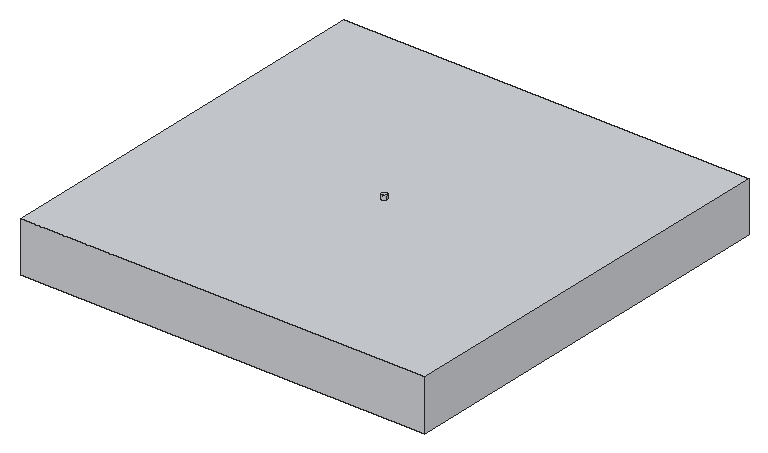
Revit family "M_Conector de tubulação - Sanitário - Peças hidrossanitárias", category Peças hidrossanitárias, Revit 2019
Family settings
  Hospedeiro = Face
  Cota do conector redondo = Usar raio
  Tipo de parte = Normal
  Número OmniClass = 23.45.00.00
  Título OmniClass = Sanitary, Laundry, and Cleaning Equipment
  ID de item do Seek = Pipe Connector - Sanitary - Plumbing Fixtures-0000-CAN-ENU
  Corte com vazios quando carregada = Não
  Compartilhado = Não
  Ponto de cálculo do ambiente = Não
Parameters (values of type "Padrão")
  WFU = 2
  Raio nominal [instance] = 15 mm
  Diâmetro nominal [instance] = Raio nominal * 2  # 30 mm
  Espessura [instance] = 25.4 mm
  HWFU = 0
  Default Elevation = 0 mm
  CWFU = 0
Reference planes
  plane 1 "Centro (Frente/Trás)": y = 0
  plane 2: z = 0
  plane 3 "Centro (Esquerda/Direita)": x = 0
  plane 4: z = 25.4
Forms (mm)
  Extrusion 1, solid
    sketch origin (0, 0, 0) x (1, 0, 0) y (0, 1, 0)
      loop
        line (-1219.2, 1219.2) -> (-1219.2, -1219.2) -> (1219.2, -1219.2) -> (1219.2, 1219.2) -> (-1219.2, 1219.2)
    from 0 to -304.8
  Extrusion 2, solid
    sketch origin (0, 0, 0) x (1, 0, 0) y (0, 1, 0)
      loop
        circle (0, 0) r 15
    from 0 to 25.4
Dimensions and locks
  "Espessura": plane 4 to plane 2
  "Raio nominal": radius of Extrusion 2 sketch curve
  aligned and locked: plane 2 to Extrusion 1
  aligned and locked: level to Extrusion 1
  aligned and locked: plane 1 "Centro (Frente/Trás)" to Extrusion 2 sketch curve
  aligned and locked: plane 4 to Extrusion 2
Automatic sketch dimensions
  Extrusion 1 sketch curve to Extrusion 1 sketch curve = 2438.4 mm  (x2)
  Extrusion 2 sketch curve to plane 3 "Centro (Esquerda/Direita)" = 0 mm
Connectors
  piping at (0, 0, 25.4), diameter 30, driven by "Raio nominal", driven by "WFU"
    settings: on Extrusion 2, index 1, connector inside diameter 30 mm, connector length 0 mm, flow factor 0, pipe flow 0.0 L/s, pressure drop 0.0 Pa, fitting loss kfactor 0, connector angle 0.00°, fixture units 2, engagement length 0 mm, angle of deflection 0.00°, flow configuration 3, flow direction 2, fitting loss method 0, system type 16, joint type 0, gender type 0, connector reference index -1, connector utility 0, adjustable connector yes, is connector primary yes, connector description ""
